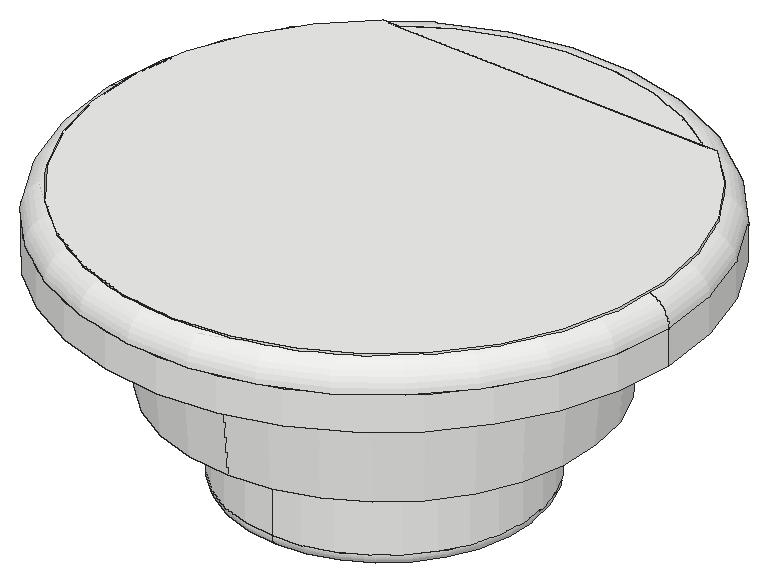
Revit family "Electronics_Commercial-Loudspeakers_Two-Way-Marine-Speaker_CMAR5T-W", category Communication Devices, host Face, Revit 2020
Family settings
  Host = Face
  Maintain Annotation Orientation = No
  Round Connector Dimension = Use Diameter
  Part Type = Normal
  OmniClass Number = 23.85.10.11.14.14.14
  OmniClass Title = Loudspeakers
  Cut with Voids When Loaded = No
  Shared = No
  Room Calculation Point = No
Parameters (values of type "CMAR5T-W")
  Impedance in ohms = "8"  # constant formula
  Grill Material = Biamp - Plastic - White(Grid)
  Frequency response in Hz = "85 - 20K"  # constant formula
  Woofer size in inch = "5.25"  # constant formula
  Vertical dispersion angle 1000 Hz = "180°"  # constant formula
  Tweeter size in inch = "1 inch"  # constant formula
  SPL 1W/1m in dB = "88"  # constant formula
  Max SPL 1m in dB = "100"  # constant formula
  Woofer cone material = "Polypropylene"  # constant formula
  Weight = 2.53532 lbf  # constant formula
  URL = "https://www.biamp.com/"
  Product data url = "https://bimobject.com/biamp/product/cmar5t-w_commercial-loudspeakers-ceiling"
  Product Page URL = "https://www.biamp.com/products/product-families/commercial-loudspeakers/ceiling-loudspeakers#cmar5t-w"
  Product Documentation Link = "https://downloads.biamp.com/assets/docs/default-source/data-sheets/biamp_data_sheet_cmar5t-w_aug20.pdf"
  Mounting system = "4 screws"  # constant formula
  Model = "CMAR5T-W"  # constant formula
  Manufacturer = "Biamp"  # constant formula
  Main construction material = "ABS plastic"  # constant formula
  Low impedance dynamic power in watts = "50"  # constant formula
  Low impedance RMS power in watts = "25"  # constant formula
  Loudspeaker system = "2-way"  # constant formula
  Installation grip range in mm = "1 - up"  # constant formula
  Description = "CMAR5T-W 5 Two-Way Built-in Marine Speaker 8 ohms/50W; 100V/20W"  # constant formula
  Applicable in 100V = "Yes"  # constant formula
  100V transformer power taps in watts = "20 - 10 - 5 - 2.5"  # constant formula
  IP rating = "65"  # constant formula
  Housing Material = Biamp - Plastic - White
  Grille main material = "Stainless steel"  # constant formula
  Diameter = 0' - 5.98425"  # constant formula
  Depth = 0' - 2.16535"  # constant formula
  Default Elevation = 4' - 0"
  Cutout in mm = "113"  # constant formula
  Connector Description = "Terminal strip; Low impedance 8 ohms/50W, 100V operation"  # constant formula
  Colour = "White"  # constant formula
  Closest RAL colour (subject to deviations) = "RAL9003"  # constant formula
  Applicable low impedance = "Yes"  # constant formula
Reference planes (in)
  plane 1 "Center (Front/Back)": y = 0
  plane 2: z = 0
  plane 3 "Center (Left/Right)": x = 0
Forms (in)
  Extrusion 1, solid, material "Biamp - Plastic - White" <- "Housing Material", detail levels coarse
    sketch origin (0, 0, 0) x (1, 0, 0) y (0, 1, 0)
      loop
        circle (0, 0) r 2.16535
    from -2.12598 to 0
  Extrusion 2, void
    sketch origin (0, 0, 0) x (1, 0, 0) y (0, 1, 0)
      loop
        circle (0, 0) r 2.16535
    from -2.12598 to 0
  Revolve 3, solid, material "Biamp - Plastic - White" <- "Housing Material", detail levels coarse
    sketch origin (0, 0, 0) x (1, 0, 0) y (0, 0, 1)
      loop
        line (0, 0) -> (0, 0.62992) -> (-2.71054, 0.62992)
        arc (-2.71054, 0.62992) -> (-2.90965, 0.54745) -> (-2.99213, 0.34834) r 0.28159
        line (-2.99213, 0.34834) -> (-2.99213, 0) -> (0, 0)
      axis (0, 0) -> (0, 0.62992)
    angle from 0 to 360
  Revolve 4, solid, material "Biamp - Plastic - White" <- "Housing Material", detail levels medium+fine
    sketch origin (0, 0, 0) x (1, 0, 0) y (0, 0, 1)
      loop
        line (0, 0) -> (0, 0.62992) -> (-2.71054, 0.62992)
        arc (-2.71054, 0.62992) -> (-2.90965, 0.54745) -> (-2.99213, 0.34834) r 0.28159
        line (-2.99213, 0.34834) -> (-2.99213, 0) -> (0, 0)
      axis (0, 0) -> (0, 0.62992)
    angle from 0 to 360
  Extrusion 5, void
    sketch origin (0, 0, 0) x (1, 0, 0) y (0, 1, 0)
      loop
        arc (-1.75492, 2.17573) -> (0, -2.79528) -> (1.75492, 2.17573) r 2.79528
        line (1.75492, 2.17573) -> (-1.75492, 2.17573)
    from 0.56493 to 0.62992
  Extrusion 6, solid, material "Biamp - Plastic - White(Grid)" <- "Grill Material", detail levels medium+fine
    sketch origin (0, 0, 0) x (1, 0, 0) y (0, 1, 0)
      loop
        line (1.75492, 2.17573) -> (-1.75492, 2.17573)
        arc (-1.75492, 2.17573) -> (0, -2.79528) -> (1.75492, 2.17573) r 2.79528
    from 0.56493 to 0.62992
  Revolve 7, solid, material "Biamp - Plastic - White" <- "Housing Material", detail levels medium+fine
    sketch origin (0, 0, 0) x (0, 1, 0) y (0, 0, 1)
      loop
        line (0, 0) -> (-2.16535, 0) -> (-2.06241, -1.17661) -> (-1.47186, -1.17661) -> (-1.47186, -2.0117)
        arc (-1.47186, -2.0117) -> (-1.43839, -2.09251) -> (-1.35758, -2.12598) r 0.11428
        line (-1.35758, -2.12598) -> (0, -2.12598) -> (0, 0)
      axis (0, 0) -> (0, -2.12598)
    angle from 0 to 360
  Extrusion 8, void
    sketch origin (0, 0.24606, 0) x (1, 0, 0) y (0, 1, 0)
      loop
        circle (0, -0.93002) r 0.59055
    from -2.26225 to -2.02997
Cuts and joins
  Extrusion 5, Extrusion 8 cuts Extrusion 1
  Extrusion 5, Extrusion 8 cuts Revolve 4
  Extrusion 8 cuts Revolve 3
  Extrusion 8 cuts Extrusion 6
  Extrusion 8 cuts Revolve 7
Lines and regions (in)
  Masking region 1
    outline origin (0, 0, 0) x (1, 0, 0) y (0, 1, 0)
      loop
        circle (0, 0) r 2.99213
  Masking region 2
    outline origin (0, 0, 0) x (1, 0, 0) y (0, 1, 0)
      loop
        arc (-1.75492, 2.17573) -> (0, -2.79528) -> (1.75492, 2.17573) r 2.79528
        line (1.75492, 2.17573) -> (-1.75492, 2.17573)
  Masking region 3
    outline origin (0, 0, 0) x (1, 0, 0) y (0, 0, 1)
      loop
        line (-2.16535, 0) -> (-2.16535, -2.12598) -> (2.16535, -2.12598) -> (2.16535, 0) -> (-2.16535, 0)
  Masking region 4
    outline origin (0, 0, 0) x (1, 0, 0) y (0, 0, 1)
      loop
        line (-3.00197, 0) -> (3.00197, 0) -> (3.00197, 0.35011)
        arc (3.00197, 0.35011) -> (2.92001, 0.54797) -> (2.72215, 0.62992) r 0.27982
        line (2.72215, 0.62992) -> (-2.72215, 0.62992)
        arc (-2.72215, 0.62992) -> (-2.92001, 0.54797) -> (-3.00197, 0.35011) r 0.27982
        line (-3.00197, 0.35011) -> (-3.00197, 0)
Dimensions and locks (in)
  aligned and locked: plane 2 to host face
  aligned and locked: level to host face
Connectors (in)
  electrical at (0, -0.68396, -2.02997), driven by "Connector Description"
    settings: on cut or joined group of Extrusion 1, Extrusion 5, Extrusion 8, index 1, voltage 0 V, apparent load 0 VA, apparent load phase1 0 VA, apparent load phase2 0 VA, apparent load phase3 0 VA, power factor 1, load classification "Other", number of poles 1, system type 5, power factor state 1, is connector primary yes, connector utility no, sub classification motor no, connector description "Terminal strip; Low impedance 8 ohms/50W, 100V operation"
